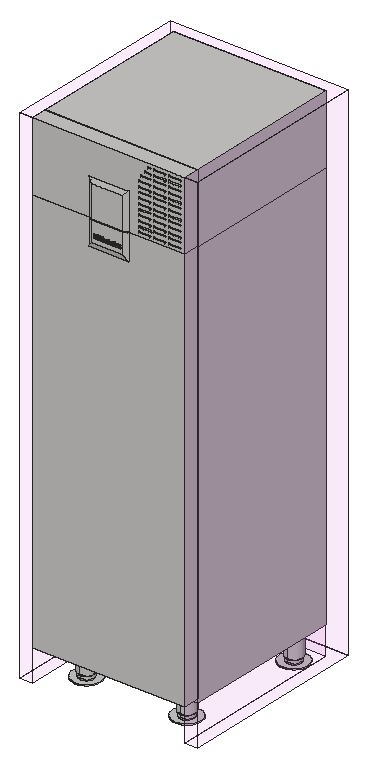
Revit family "QF_ELECTROLUXPROFESSIONAL_691377_PS04R1FM", category Specialty Equipment, Revit 2018
Family settings
  Round Connector Dimension = Use Diameter
  Part Type = Normal
  Work Plane-Based = No
  Always vertical = Yes
  Cut with Voids When Loaded = No
  Shared = No
  Room Calculation Point = No
Parameters
  Weight = 21.3976 lbm
  Watts = 0 W
  Volts = 380 V
  URL Manufacturer = "http://professional.electrolux.com/"
  URL = "http://professional.electrolux.com/"
  Steam Supply Size = 0"
  Steam Supply Minimum Pressure = 0.00 psi
  Steam Supply Maximum Pressure = 0.00 psi
  Steam Pounds per Hour = 0
  Show Clearance [instance] = yes
  Refrigeration Suction Line Size = 0"
  Refrigeration Liquid Line Size = 0"
  Refrigerant Compressor Remote = yes
  Phase = 0
  Model = "RBC201"
  Manufacturer = "Electrolux"
  Length Actual = 600 mm  # constant formula
  Item Number = "726624"
  Hot Water Size = 0"
  Height Actual = 2040 mm  # constant formula
  HP = "0.4 HP"
  Gas Size = 0"
  Gas KW = 0
  Gas Input Pressure = 0.0 Btu/h
  Direct Waste Size = 0"
  Description = "BLAST CHILLER 56 KG 20 GN1/1"
  Depth Actual = 700 mm  # constant formula
  Cycle = 50 Hz
  Condensate Return Size = 0"
  Compressed Air Volume = 0 GPM
  Compressed Air Size = 0"
  Compressed Air Pressure = 0.00 psi
  Cold Water Size = 0"
  Accessory = yes
Types (2, lengths in mm): name | Volts | URL Manufacturer | URL | Phase | Model | Manufacturer | Item Number | Description | Cycle
  (no name) | 380 V | "http://professional.electrolux.com/" | "http://professional.electrolux.com/" | 0 | "RBC201" | "Electrolux" | "726624" | "BLAST CHILLER 56 KG 20 GN1/1" | 50 Hz
  Standard | 220 V | "http://professional.electrolux.com" | "http://professional.electrolux.com" | 1 | "PS04R1FM" | "Electrolux Professional" | "691377" | "1-DOOR REFRIGERATOR 470L,0/+10°,PROSTORE,60HZ,MAR" | 60 Hz
Reference planes
  plane 1 "BACK": y = 0
  plane 2: z = 0
  plane 3 "LEFT": x = 0
  plane 4 "RIGHT": x = 600
  plane 5 "FRONT": y = -700
  plane 6 "TOP": z = 2040
  plane 7 "Center Y": x = 300
  plane 8 "Center X": y = -350
  plane 9: x = 102
  plane 10: x = 498
  plane 11: z = 115
  plane 12: z = 86
  plane 13: y = -80
  plane 14: y = -694
  plane 15: y = -1227
  plane 16: y = -630
  plane 17: z = 1770
  plane 18: x = -50
  plane 19: y = 50
  plane 20: x = 650
  plane 21: z = 1995
Forms (mm)
  Extrusion 1, solid, material "QF_Metal - Stainless - Polished"
    sketch origin (0, 0, 0) x (1, 0, 0) y (0, 0, 1)
      loop
        line (0, 1995) -> (0, 1724.003) -> (600, 1724.003) -> (600, 1995) -> (0, 1995)
    from 0 to 630
  Extrusion 2, solid, material "QF_Metal - Stainless - Polished"
    sketch origin (0, 0, 0) x (1, 0, 0) y (0, 0, 1)
      loop
        line (0, 1724.003) -> (0, 115) -> (600, 115) -> (600, 1724.003) -> (0, 1724.003)
    from 0 to 630
  Extrusion 3, solid, material "QF_Metal - Stainless - Polished"
    sketch origin (-370, 0, -128) x (1, 0, 0) y (0, 0, 1)
      loop
        circle (450, 1847.083) r 20
    from -7.507 to 0
  Extrusion 4, solid, material "QF_Metal - Stainless - Polished"
    sketch origin (0, 130.478, -45) x (1, 0, 0) y (0, 0, 1)
      loop
        line (0, 2040) -> (0, 1770) -> (600, 1770) -> (600, 2040) -> (0, 2040)
    from 760.478 to 824.478
  Extrusion 5, solid, material "QF_Metal - Stainless - Polished"
    sketch origin (0, 140, 0) x (1, 0, 0) y (0, 0, 1)
      loop
        line (0, 1725) -> (0, 127.536) -> (600, 127.536) -> (600, 1725) -> (0, 1725)
    from 834 to 770
  Revolve 6, solid, material "QF_Metal - Stainless - Polished"
    sketch origin (497.59, -2.833, 0) x (0, 1, 0) y (0, 0, -1)
      loop
        line (-590.954, -115) -> (-553.167, -115) -> (-553.167, 0) -> (-578.757, 0)
        arc (-578.757, 0) -> (-580.973, -2.655) -> (-581.767, -6.021) r 7.527
        line (-581.767, -6.021) -> (-581.767, -17.561) -> (-585.28, -21.074) -> (-585.28, -110.008) -> (-590.954, -110.008) -> (-590.954, -115)
      axis (-553.167, 0) -> (-553.167, -115)
    angle from 0 to 360
  Revolve 7, solid, material "QF_Metal - Stainless - Polished"
    sketch origin (102, -2.833, 0) x (0, 1, 0) y (0, 0, 1)
      loop
        line (-590.954, 115) -> (-590.954, 110.008) -> (-585.28, 110.008) -> (-585.28, 21.074) -> (-581.767, 17.561) -> (-581.767, 6.021)
        arc (-581.767, 6.021) -> (-580.973, 2.655) -> (-578.757, 0) r 7.527
        line (-578.757, 0) -> (-553.167, 0) -> (-553.167, 115) -> (-590.954, 115)
      axis (-553.167, 0) -> (-553.167, 115)
    angle from 0 to 360
  Revolve 8, solid, material "QF_Metal - Stainless - Polished"
    sketch origin (538, -759.167, 0) x (0, -1, 0) y (0, 0, 1)
      loop
        line (-716.954, 115) -> (-716.954, 110.008) -> (-711.28, 110.008) -> (-711.28, 21.074) -> (-707.767, 17.561) -> (-707.767, 6.021)
        arc (-707.767, 6.021) -> (-706.973, 2.655) -> (-704.757, 0) r 7.527
        line (-704.757, 0) -> (-679.167, 0) -> (-679.167, 115) -> (-716.954, 115)
      axis (-679.167, 0) -> (-679.167, 115)
    angle from 0 to 360
  Revolve 9, solid, material "QF_Metal - Stainless - Polished"
    sketch origin (62, -759.167, 0) x (0, -1, 0) y (0, 0, 1)
      loop
        line (-716.954, 115) -> (-716.954, 110.008) -> (-711.28, 110.008) -> (-711.28, 21.074) -> (-707.767, 17.561) -> (-707.767, 6.021)
        arc (-707.767, 6.021) -> (-706.973, 2.655) -> (-704.757, 0) r 7.527
        line (-704.757, 0) -> (-679.167, 0) -> (-679.167, 115) -> (-716.954, 115)
      axis (-679.167, 0) -> (-679.167, 115)
    angle from 0 to 360
  Blend 10, solid, material "QF_Metal - Stainless - Polished"
    base sketch origin (-150, -694, 0) x (1, 0, 0) y (0, 0, 1)
      loop
        line (370, 1869.822) -> (370, 1619.822) -> (530, 1619.822) -> (530, 1869.822) -> (370, 1869.822)
    top sketch origin (-150, -694, 0) x (1, 0, 0) y (0, 0, 1)
      loop
        line (510, 1849.822) -> (390, 1849.822) -> (390, 1639.822) -> (510, 1639.822) -> (510, 1849.822)
    from 0 to 6
  Extrusion 11, void
    sketch origin (-150, -700, 0) x (-1, 0, 0) y (0, 0, 1)
      loop
        line (-370, 1725.997) -> (-530, 1725.997) -> (-530, 1724.003) -> (-370, 1724.003) -> (-370, 1725.997)
    from 0 to 6
  Extrusion 12, solid, material "QF_Door-Drawer Clearances"
    sketch origin (0, 0, 0) x (1, 0, 0) y (0, 1, 0)
      loop
        line (0, -694) -> (0, 0) -> (600, 0) -> (600, -694) -> (650, -694) -> (650, 50) -> (-50, 50) -> (-50, -694) -> (0, -694)
    from 0 to 1995
  Extrusion 13, solid, material "QF_Metal - Stainless - Polished"
    sketch origin (497.59, -556, 0) x (0, -1, 0) y (-1, 0, 0)
      loop
        circle (0, 0) r 55.59
    from 0 to -1.917
  Extrusion 14, solid, material "QF_Metal - Stainless - Polished"
    sketch origin (102, -556, 0) x (0, -1, 0) y (-1, 0, 0)
      loop
        circle (0, 0) r 55.59
    from 0 to -1.917
  Extrusion 15, solid, material "QF_Metal - Stainless - Polished"
    sketch origin (62, -80, 0) x (0, -1, 0) y (-1, 0, 0)
      loop
        circle (0, 0) r 55.59
    from 0 to -1.917
  Extrusion 16, solid, material "QF_Metal - Stainless - Polished"
    sketch origin (538, -80, 0) x (0, -1, 0) y (-1, 0, 0)
      loop
        circle (0, 0) r 55.59
    from 0 to -1.917
  Extrusion 17, void
    sketch origin (0, -694, -45) x (-1, 0, 0) y (0, 0, 1)
      loop
        line (-537.804, 1788.817) -> (-587.804, 1788.817) -> (-587.804, 1780.817) -> (-537.804, 1780.817) -> (-537.804, 1788.817)
      loop
        line (-477.804, 1788.817) -> (-527.804, 1788.817) -> (-527.804, 1780.817) -> (-477.804, 1780.817) -> (-477.804, 1788.817)
      loop
        line (-417.804, 1788.817) -> (-467.804, 1788.817) -> (-467.804, 1780.817) -> (-417.804, 1780.817) -> (-417.804, 1788.817)
    from 0 to 2
  Extrusion 18, void
    sketch origin (0, -694, 195) x (-1, 0, 0) y (0, 0, 1)
      loop
        line (-537.804, 1788.817) -> (-587.804, 1788.817) -> (-587.804, 1780.817) -> (-537.804, 1780.817) -> (-537.804, 1788.817)
      loop
        line (-477.804, 1788.817) -> (-527.804, 1788.817) -> (-527.804, 1780.817) -> (-477.804, 1780.817) -> (-477.804, 1788.817)
      loop
        line (-453.929, 1788.817) -> (-467.804, 1788.817) -> (-467.804, 1780.817) -> (-453.929, 1780.817) -> (-453.929, 1788.817)
    from 0 to 2
  Extrusion 19, void
    sketch origin (0, -694, -25) x (-1, 0, 0) y (0, 0, 1)
      loop
        line (-537.804, 1788.817) -> (-587.804, 1788.817) -> (-587.804, 1780.817) -> (-537.804, 1780.817) -> (-537.804, 1788.817)
      loop
        line (-477.804, 1788.817) -> (-527.804, 1788.817) -> (-527.804, 1780.817) -> (-477.804, 1780.817) -> (-477.804, 1788.817)
      loop
        line (-417.804, 1788.817) -> (-467.804, 1788.817) -> (-467.804, 1780.817) -> (-417.804, 1780.817) -> (-417.804, 1788.817)
    from 0 to 2
  Extrusion 20, void
    sketch origin (0, -694, -5) x (-1, 0, 0) y (0, 0, 1)
      loop
        line (-537.804, 1788.817) -> (-587.804, 1788.817) -> (-587.804, 1780.817) -> (-537.804, 1780.817) -> (-537.804, 1788.817)
      loop
        line (-477.804, 1788.817) -> (-527.804, 1788.817) -> (-527.804, 1780.817) -> (-477.804, 1780.817) -> (-477.804, 1788.817)
      loop
        line (-417.804, 1788.817) -> (-467.804, 1788.817) -> (-467.804, 1780.817) -> (-417.804, 1780.817) -> (-417.804, 1788.817)
    from 0 to 2
  Extrusion 21, void
    sketch origin (0, -694, 15) x (-1, 0, 0) y (0, 0, 1)
      loop
        line (-537.804, 1788.817) -> (-587.804, 1788.817) -> (-587.804, 1780.817) -> (-537.804, 1780.817) -> (-537.804, 1788.817)
      loop
        line (-477.804, 1788.817) -> (-527.804, 1788.817) -> (-527.804, 1780.817) -> (-477.804, 1780.817) -> (-477.804, 1788.817)
      loop
        line (-417.804, 1788.817) -> (-467.804, 1788.817) -> (-467.804, 1780.817) -> (-417.804, 1780.817) -> (-417.804, 1788.817)
    from 0 to 2
  Extrusion 22, void
    sketch origin (0, -694, 35) x (-1, 0, 0) y (0, 0, 1)
      loop
        line (-537.804, 1788.817) -> (-587.804, 1788.817) -> (-587.804, 1780.817) -> (-537.804, 1780.817) -> (-537.804, 1788.817)
      loop
        line (-477.804, 1788.817) -> (-527.804, 1788.817) -> (-527.804, 1780.817) -> (-477.804, 1780.817) -> (-477.804, 1788.817)
      loop
        line (-417.804, 1788.817) -> (-467.804, 1788.817) -> (-467.804, 1780.817) -> (-417.804, 1780.817) -> (-417.804, 1788.817)
    from 0 to 2
  Extrusion 23, void
    sketch origin (0, -694, 55) x (-1, 0, 0) y (0, 0, 1)
      loop
        line (-537.804, 1788.817) -> (-587.804, 1788.817) -> (-587.804, 1780.817) -> (-537.804, 1780.817) -> (-537.804, 1788.817)
      loop
        line (-477.804, 1788.817) -> (-527.804, 1788.817) -> (-527.804, 1780.817) -> (-477.804, 1780.817) -> (-477.804, 1788.817)
      loop
        line (-417.804, 1788.817) -> (-467.804, 1788.817) -> (-467.804, 1780.817) -> (-417.804, 1780.817) -> (-417.804, 1788.817)
    from 0 to 2
  Extrusion 24, void
    sketch origin (0, -694, 75) x (-1, 0, 0) y (0, 0, 1)
      loop
        line (-537.804, 1788.817) -> (-587.804, 1788.817) -> (-587.804, 1780.817) -> (-537.804, 1780.817) -> (-537.804, 1788.817)
      loop
        line (-477.804, 1788.817) -> (-527.804, 1788.817) -> (-527.804, 1780.817) -> (-477.804, 1780.817) -> (-477.804, 1788.817)
      loop
        line (-417.804, 1788.817) -> (-467.804, 1788.817) -> (-467.804, 1780.817) -> (-417.804, 1780.817) -> (-417.804, 1788.817)
    from 0 to 2
  Extrusion 25, void
    sketch origin (0, -694, 95) x (-1, 0, 0) y (0, 0, 1)
      loop
        line (-537.804, 1788.817) -> (-587.804, 1788.817) -> (-587.804, 1780.817) -> (-537.804, 1780.817) -> (-537.804, 1788.817)
      loop
        line (-477.804, 1788.817) -> (-527.804, 1788.817) -> (-527.804, 1780.817) -> (-477.804, 1780.817) -> (-477.804, 1788.817)
      loop
        line (-417.804, 1788.817) -> (-467.804, 1788.817) -> (-467.804, 1780.817) -> (-417.804, 1780.817) -> (-417.804, 1788.817)
    from 0 to 2
  Extrusion 26, void
    sketch origin (0, -694, 115) x (-1, 0, 0) y (0, 0, 1)
      loop
        line (-537.804, 1788.817) -> (-587.804, 1788.817) -> (-587.804, 1780.817) -> (-537.804, 1780.817) -> (-537.804, 1788.817)
      loop
        line (-477.804, 1788.817) -> (-527.804, 1788.817) -> (-527.804, 1780.817) -> (-477.804, 1780.817) -> (-477.804, 1788.817)
      loop
        line (-417.804, 1788.817) -> (-467.804, 1788.817) -> (-467.804, 1780.817) -> (-417.804, 1780.817) -> (-417.804, 1788.817)
    from 0 to 2
  Extrusion 27, void
    sketch origin (0, -694, 135) x (-1, 0, 0) y (0, 0, 1)
      loop
        line (-537.804, 1788.817) -> (-587.804, 1788.817) -> (-587.804, 1780.817) -> (-537.804, 1780.817) -> (-537.804, 1788.817)
      loop
        line (-477.804, 1788.817) -> (-527.804, 1788.817) -> (-527.804, 1780.817) -> (-477.804, 1780.817) -> (-477.804, 1788.817)
      loop
        line (-417.804, 1788.817) -> (-467.804, 1788.817) -> (-467.804, 1780.817) -> (-417.804, 1780.817) -> (-417.804, 1788.817)
    from 0 to 2
  Extrusion 28, void
    sketch origin (0, -694, 155) x (-1, 0, 0) y (0, 0, 1)
      loop
        line (-537.804, 1788.817) -> (-587.804, 1788.817) -> (-587.804, 1780.817) -> (-537.804, 1780.817) -> (-537.804, 1788.817)
      loop
        line (-477.804, 1788.817) -> (-527.804, 1788.817) -> (-527.804, 1780.817) -> (-477.804, 1780.817) -> (-477.804, 1788.817)
      loop
        line (-426.702, 1788.817) -> (-467.804, 1788.817) -> (-467.804, 1780.817) -> (-426.702, 1780.817) -> (-426.702, 1788.817)
    from 0 to 2
  Extrusion 29, void
    sketch origin (0, -694, 175) x (-1, 0, 0) y (0, 0, 1)
      loop
        line (-537.804, 1788.817) -> (-587.804, 1788.817) -> (-587.804, 1780.817) -> (-537.804, 1780.817) -> (-537.804, 1788.817)
      loop
        line (-477.804, 1788.817) -> (-527.804, 1788.817) -> (-527.804, 1780.817) -> (-477.804, 1780.817) -> (-477.804, 1788.817)
      loop
        line (-441.24, 1788.817) -> (-467.804, 1788.817) -> (-467.804, 1780.817) -> (-441.24, 1780.817) -> (-441.24, 1788.817)
    from 0 to 2
  Extrusion 30, solid, material "QF_Door-Drawer Clearances", visible <- "Show Clearance", detail levels coarse
    sketch origin (0, 0, 0) x (1, 0, 0) y (0, 1, 0)
      loop
        line (600, -694) -> (0, -694)
        arc (0, -694) -> (187.42, -1087.232) -> (600, -1227) r 559.707
        line (600, -1227) -> (600, -694)
    from 127.536 to 1725
Cuts and joins
  Extrusion 11, Extrusion 17 cuts Extrusion 1
  Extrusion 11 cuts Extrusion 2
  Extrusion 11, Extrusion 17, Extrusion 18, Extrusion 19, Extrusion 20, Extrusion 21, Extrusion 22, Extrusion 23, Extrusion 24, Extrusion 25, Extrusion 26, Extrusion 27, Extrusion 28, Extrusion 29 cuts Extrusion 4
  Extrusion 11 cuts Extrusion 5
  Extrusion 11 cuts Blend 10
  joined: Revolve 6, Extrusion 13
Lines and regions (mm)
  Split face 1
    outline origin (-150, -700, 0) x (1, 0, 0) y (0, 0, 1)
      loop
        line (415, 1849.822) -> (415, 1697.499) -> (485, 1697.499) -> (485, 1849.822)
  symbolic lines
    curve 1: line (0, 0, 0) -> (600, 0, 0)
    curve 2: line (0, -694, 0) -> (0, 0, 0)
    curve 3: line (600, -694, 0) -> (0, -694, 0)
    curve 4: line (600, 0, 0) -> (600, -694, 0)
    curve 5: line (0, -630, 0) -> (600, -630, 0)
    curve 6: line (220, -694, 0) -> (240, -700, 0)
    curve 7: line (240, -700, 0) -> (360, -700, 0)
    curve 8: line (360, -700, 0) -> (380, -694, 0)
  symbolic lines, style "QF_Door-Drawer Clearances"
    curve 9: line (0, -694, 0) -> (-50, -694, 0)
    curve 10: line (-50, -694, 0) -> (-50, 50, 0)
    curve 11: line (-50, 50, 0) -> (650, 50, 0)
    curve 12: line (650, 50, 0) -> (650, -694, 0)
    curve 13: line (650, -694, 0) -> (600, -694, 0)
    curve 14: arc (0, -694, 0) -> (187.42, -1087.232, 0) -> (600, -1227, 0) r 559.707
    curve 15: line (600, -1227, 0) -> (600, -694, 0)
Dimensions and locks
  equal spacing: plane 3 "LEFT", plane 7 "Center Y", plane 4 "RIGHT"
  plane 3 "LEFT" to plane 4 "RIGHT" = 600 mm
  equal spacing: plane 5 "FRONT", plane 8 "Center X", plane 1 "BACK"
  plane 5 "FRONT" to plane 1 "BACK" = 700 mm
  plane 6 "TOP" to level = 2040 mm
  plane 9 to plane 3 "LEFT" = 102 mm
  plane 10 to plane 4 "RIGHT" = 102 mm
  plane 11 to level = 115 mm
  plane 12 to plane 11 = 29 mm
  plane 1 "BACK" to plane 13 = 80 mm
  plane 15 to plane 1 "BACK" = 1227 mm
  plane 11 to plane 2 = 115 mm
  plane 1 "BACK" to plane 16 = 630 mm
  plane 18 to plane 3 "LEFT" = 50 mm
  plane 4 "RIGHT" to plane 20 = 50 mm
  plane 1 "BACK" to plane 19 = 50 mm
  plane 21 to level = 1995 mm
  aligned and locked: level to plane 2
  aligned and locked: Extrusion 4 to plane 4 "RIGHT"
  aligned and locked: Extrusion 4 to plane 3 "LEFT"
  aligned and locked: plane 5 "FRONT" to Blend 10
Automatic sketch dimensions
  Extrusion 3 sketch curve to plane 9 = 22 mm
  Extrusion 3 sketch curve to plane 17 = 50.917 mm
  plane 11 to Revolve 6 sketch curve = 0 mm
  Revolve 6 sketch curve to level = 0 mm
  plane 16 to Revolve 6 sketch curve = 36.213 mm
  Revolve 6 sketch curve to Revolve 6 sketch curve = 5.674 mm
  Revolve 6 sketch curve to Revolve 6 sketch curve = 3.513 mm  (x2)
  Revolve 6 sketch curve to Revolve 6 sketch curve = 3.01 mm
  level to Revolve 6 sketch curve = 6.021 mm
  Revolve 6 sketch curve to Revolve 6 sketch curve = 21.073 mm
  Revolve 6 sketch curve to plane 11 = 4.992 mm  (x2)
  Revolve 6 sketch curve to Revolve 6 sketch curve = 15.053 mm
  Revolve 6 sketch curve to Revolve 6 sketch curve = 0 mm
  Revolve 6 sketch curve to Revolve 6 sketch curve = 20.008 mm
  Revolve 7 sketch curve to plane 11 = 0 mm
  Revolve 7 sketch curve to level = 0 mm
  plane 16 to Revolve 7 sketch curve = 36.213 mm
  Revolve 7 sketch curve to Revolve 7 sketch curve = 5.674 mm
  Revolve 7 sketch curve to Revolve 7 sketch curve = 3.513 mm  (x2)
  Revolve 7 sketch curve to Revolve 7 sketch curve = 3.01 mm
  level to Revolve 7 sketch curve = 6.021 mm
  Revolve 7 sketch curve to Revolve 7 sketch curve = 21.073 mm
  Revolve 7 sketch curve to Revolve 7 sketch curve = 11.54 mm
  Revolve 7 sketch curve to plane 11 = 4.992 mm
  Revolve 7 sketch curve to Revolve 7 sketch curve = 0 mm
  Revolve 7 sketch curve to Revolve 7 sketch curve = 4.992 mm
  plane 11 to Revolve 7 sketch curve = 20.008 mm
  Revolve 8 sketch curve to plane 11 = 0 mm
  Revolve 8 sketch curve to level = 0 mm
  Revolve 8 sketch curve to plane 13 = 0 mm  (x2)
  level to Revolve 8 sketch curve = 6.021 mm
  Revolve 8 sketch curve to plane 13 = 21.073 mm
  Revolve 8 sketch curve to Revolve 8 sketch curve = 4.517 mm
  Revolve 8 sketch curve to Revolve 8 sketch curve = 3.513 mm  (x2)
  Revolve 8 sketch curve to Revolve 8 sketch curve = 5.674 mm
  Revolve 8 sketch curve to Revolve 8 sketch curve = 11.54 mm
  Revolve 8 sketch curve to plane 11 = 4.992 mm  (x2)
  Revolve 8 sketch curve to Revolve 8 sketch curve = 20.008 mm
  Revolve 9 sketch curve to plane 11 = 0 mm
  Revolve 9 sketch curve to level = 0 mm
  Revolve 9 sketch curve to plane 13 = 0 mm  (x2)
  Revolve 9 sketch curve to level = 6.021 mm
  plane 13 to Revolve 9 sketch curve = 21.073 mm
  Revolve 9 sketch curve to Revolve 9 sketch curve = 4.517 mm
  Revolve 9 sketch curve to Revolve 9 sketch curve = 3.513 mm  (x2)
  Revolve 9 sketch curve to Revolve 9 sketch curve = 5.674 mm
  Revolve 9 sketch curve to Revolve 9 sketch curve = 11.54 mm
  plane 11 to Revolve 9 sketch curve = 4.992 mm  (x2)
  Revolve 9 sketch curve to Revolve 9 sketch curve = 20.008 mm
  Extrusion 14 sketch curve to Extrusion 14 sketch curve = 0 mm  (x2)
  Extrusion 14 sketch curve to Revolve 6 = 395.59 mm
  Extrusion 14 sketch curve to Extrusion 14 sketch curve = 55.59 mm
  Extrusion 15 sketch curve to Extrusion 15 sketch curve = 0 mm  (x2)
  Extrusion 15 sketch curve to Revolve 6 = 435.59 mm
  Extrusion 15 sketch curve to Extrusion 15 sketch curve = 55.59 mm
  Extrusion 16 sketch curve to Extrusion 16 sketch curve = 0 mm  (x2)
  Revolve 6 to Extrusion 16 sketch curve = 40.41 mm
  Extrusion 16 sketch curve to Extrusion 16 sketch curve = 55.59 mm
  plane 14 to curve 10 = 0 mm
  curve 10 to plane 18 = 0 mm
  plane 5 "FRONT" to curve 7 = 0 mm
  plane 1 "BACK" to curve 1 = 0 mm
  curve 1 to plane 4 "RIGHT" = 0 mm
  curve 12 to plane 19 = 0 mm
  curve 12 to plane 20 = 0 mm
  curve 15 to plane 15 = 0 mm
  curve 5 to plane 16 = 0 mm
  curve 7 to plane 7 "Center Y" = 60 mm
  plane 7 "Center Y" to curve 7 = 60 mm
  curve 14 to plane 14 = 25.214 mm
  curve 6 to curve 6 = 20 mm
  curve 7 to curve 8 = 20 mm
  Extrusion 1 sketch curve to plane 3 "LEFT" = 0 mm
  plane 4 "RIGHT" to Extrusion 1 sketch curve = 0 mm
  Extrusion 1 sketch curve to plane 21 = 0 mm
  Extrusion 1 sketch curve to plane 17 = 45.997 mm
  Extrusion 2 sketch curve to plane 3 "LEFT" = 0 mm
  plane 4 "RIGHT" to Extrusion 2 sketch curve = 0 mm
  Extrusion 2 sketch curve to plane 11 = 0 mm
  Extrusion 2 sketch curve to plane 17 = 45.997 mm
  Extrusion 4 sketch curve to plane 3 "LEFT" = 0 mm
  plane 4 "RIGHT" to Extrusion 4 sketch curve = 0 mm
  Extrusion 4 sketch curve to plane 21 = 0 mm
  Extrusion 4 sketch curve to plane 17 = 45 mm
  Extrusion 5 sketch curve to plane 3 "LEFT" = 0 mm
  plane 4 "RIGHT" to Extrusion 5 sketch curve = 0 mm
  plane 11 to Extrusion 5 sketch curve = 12.536 mm
  Extrusion 5 sketch curve to plane 17 = 45 mm
  Blend 10 sketch curve to Extrusion 5 = 105.178 mm
  Blend 10 sketch curve to Extrusion 5 = 220 mm
  Blend 10 sketch curve to Blend 10 sketch curve = 160 mm
  Extrusion 5 to Blend 10 sketch curve = 144.822 mm
  Blend 10 sketch curve to Extrusion 5 = 240 mm
  Blend 10 sketch curve to Blend 10 sketch curve = 120 mm
  Blend 10 sketch curve to Extrusion 5 = 85.178 mm
  Extrusion 5 to Blend 10 sketch curve = 124.822 mm
  Split face 1 sketch curve to Blend 10 = 0 mm  (x2)
  Split face 1 sketch curve to Blend 10 = 25 mm  (x2)
  Split face 1 sketch curve to Blend 10 = 57.677 mm
  Extrusion 11 sketch curve to Blend 10 = 20 mm  (x2)
  Blend 10 to Extrusion 11 sketch curve = 84.181 mm
  Extrusion 11 sketch curve to Extrusion 11 sketch curve = 1.995 mm
  plane 14 to Extrusion 12 sketch curve = 0 mm  (x2)
  Extrusion 12 sketch curve to plane 18 = 0 mm
  Extrusion 12 sketch curve to plane 3 "LEFT" = 0 mm
  Extrusion 12 sketch curve to plane 4 "RIGHT" = 0 mm
  Extrusion 12 sketch curve to plane 19 = 0 mm
  Extrusion 12 sketch curve to plane 20 = 0 mm
  plane 1 "BACK" to Extrusion 12 sketch curve = 0 mm
  Extrusion 4 to Extrusion 17 sketch curve = 12.196 mm
  Extrusion 4 to Extrusion 17 sketch curve = 10.817 mm  (x3)
  Extrusion 17 sketch curve to Extrusion 17 sketch curve = 50 mm  (x3)
  Extrusion 17 sketch curve to Extrusion 17 sketch curve = 10 mm  (x2)
  Extrusion 17 sketch curve to Extrusion 17 sketch curve = 8 mm  (x3)
  Extrusion 4 to Extrusion 18 sketch curve = 12.196 mm
  Extrusion 4 to Extrusion 18 sketch curve = 19.183 mm  (x3)
  Extrusion 18 sketch curve to Extrusion 18 sketch curve = 50 mm  (x2)
  Extrusion 18 sketch curve to Extrusion 18 sketch curve = 10 mm  (x2)
  Extrusion 18 sketch curve to Extrusion 18 sketch curve = 13.876 mm
  Extrusion 18 sketch curve to Extrusion 18 sketch curve = 8 mm  (x3)
  Extrusion 4 to Extrusion 19 sketch curve = 12.196 mm
  Extrusion 19 sketch curve to Extrusion 19 sketch curve = 50 mm  (x3)
  Extrusion 19 sketch curve to Extrusion 19 sketch curve = 10 mm  (x2)
  Extrusion 4 to Extrusion 19 sketch curve = 30.817 mm  (x2)
  Extrusion 19 sketch curve to Extrusion 19 sketch curve = 0 mm
  Extrusion 19 sketch curve to Extrusion 19 sketch curve = 8 mm  (x3)
  Extrusion 4 to Extrusion 20 sketch curve = 12.196 mm
  Extrusion 20 sketch curve to Extrusion 20 sketch curve = 50 mm  (x3)
  Extrusion 20 sketch curve to Extrusion 20 sketch curve = 10 mm  (x2)
  Extrusion 4 to Extrusion 20 sketch curve = 50.817 mm  (x2)
  Extrusion 20 sketch curve to Extrusion 20 sketch curve = 0 mm
  Extrusion 20 sketch curve to Extrusion 20 sketch curve = 8 mm  (x3)
  Extrusion 4 to Extrusion 21 sketch curve = 12.196 mm
  Extrusion 21 sketch curve to Extrusion 21 sketch curve = 50 mm  (x3)
  Extrusion 21 sketch curve to Extrusion 21 sketch curve = 10 mm  (x2)
  Extrusion 4 to Extrusion 21 sketch curve = 70.817 mm
  Extrusion 21 sketch curve to Extrusion 21 sketch curve = 0 mm  (x2)
  Extrusion 21 sketch curve to Extrusion 21 sketch curve = 8 mm  (x3)
  Extrusion 4 to Extrusion 22 sketch curve = 12.196 mm
  Extrusion 22 sketch curve to Extrusion 22 sketch curve = 50 mm  (x3)
  Extrusion 22 sketch curve to Extrusion 22 sketch curve = 10 mm  (x2)
  Extrusion 4 to Extrusion 22 sketch curve = 90.817 mm
  Extrusion 22 sketch curve to Extrusion 22 sketch curve = 0 mm  (x2)
  Extrusion 22 sketch curve to Extrusion 22 sketch curve = 8 mm  (x3)
  Extrusion 4 to Extrusion 23 sketch curve = 12.196 mm
  Extrusion 23 sketch curve to Extrusion 23 sketch curve = 50 mm  (x3)
  Extrusion 23 sketch curve to Extrusion 23 sketch curve = 10 mm  (x2)
  Extrusion 4 to Extrusion 23 sketch curve = 110.817 mm
  Extrusion 23 sketch curve to Extrusion 23 sketch curve = 0 mm  (x2)
  Extrusion 23 sketch curve to Extrusion 23 sketch curve = 8 mm  (x3)
  Extrusion 4 to Extrusion 24 sketch curve = 12.196 mm
  Extrusion 24 sketch curve to Extrusion 24 sketch curve = 50 mm  (x3)
  Extrusion 24 sketch curve to Extrusion 24 sketch curve = 10 mm  (x2)
  Extrusion 4 to Extrusion 24 sketch curve = 130.817 mm
  Extrusion 24 sketch curve to Extrusion 24 sketch curve = 0 mm  (x2)
  Extrusion 24 sketch curve to Extrusion 24 sketch curve = 8 mm  (x3)
  Extrusion 4 to Extrusion 25 sketch curve = 12.196 mm
  Extrusion 25 sketch curve to Extrusion 25 sketch curve = 50 mm  (x3)
  Extrusion 25 sketch curve to Extrusion 25 sketch curve = 10 mm  (x2)
  Extrusion 4 to Extrusion 25 sketch curve = 119.183 mm
  Extrusion 25 sketch curve to Extrusion 25 sketch curve = 0 mm  (x2)
  Extrusion 25 sketch curve to Extrusion 25 sketch curve = 8 mm  (x3)
  Extrusion 4 to Extrusion 26 sketch curve = 12.196 mm
  Extrusion 26 sketch curve to Extrusion 26 sketch curve = 50 mm  (x3)
  Extrusion 26 sketch curve to Extrusion 26 sketch curve = 10 mm  (x2)
  Extrusion 4 to Extrusion 26 sketch curve = 99.183 mm
  Extrusion 26 sketch curve to Extrusion 26 sketch curve = 0 mm  (x2)
  Extrusion 26 sketch curve to Extrusion 26 sketch curve = 8 mm  (x3)
  Extrusion 4 to Extrusion 27 sketch curve = 12.196 mm
  Extrusion 27 sketch curve to Extrusion 27 sketch curve = 50 mm  (x3)
  Extrusion 27 sketch curve to Extrusion 27 sketch curve = 10 mm  (x2)
  Extrusion 4 to Extrusion 27 sketch curve = 79.183 mm
  Extrusion 27 sketch curve to Extrusion 27 sketch curve = 0 mm  (x2)
  Extrusion 27 sketch curve to Extrusion 27 sketch curve = 8 mm  (x3)
  Extrusion 4 to Extrusion 28 sketch curve = 12.196 mm
  Extrusion 28 sketch curve to Extrusion 28 sketch curve = 50 mm  (x2)
  Extrusion 28 sketch curve to Extrusion 28 sketch curve = 10 mm  (x2)
  Extrusion 28 sketch curve to Extrusion 28 sketch curve = 41.103 mm
  Extrusion 4 to Extrusion 28 sketch curve = 59.183 mm
  Extrusion 28 sketch curve to Extrusion 28 sketch curve = 0 mm  (x2)
  Extrusion 28 sketch curve to Extrusion 28 sketch curve = 8 mm  (x3)
  Extrusion 4 to Extrusion 29 sketch curve = 12.196 mm
  Extrusion 29 sketch curve to Extrusion 29 sketch curve = 50 mm  (x2)
  Extrusion 29 sketch curve to Extrusion 29 sketch curve = 10 mm  (x2)
  Extrusion 29 sketch curve to Extrusion 29 sketch curve = 26.564 mm
  Extrusion 4 to Extrusion 29 sketch curve = 39.183 mm
  Extrusion 29 sketch curve to Extrusion 29 sketch curve = 0 mm  (x2)
  Extrusion 29 sketch curve to Extrusion 29 sketch curve = 8 mm  (x3)
  Extrusion 30 sketch curve to plane 3 "LEFT" = 0 mm
  Extrusion 30 sketch curve to plane 4 "RIGHT" = 0 mm
  Extrusion 30 sketch curve to plane 15 = 0 mm
  plane 14 to Extrusion 30 sketch curve = 0 mm
  Extrusion 30 sketch curve to plane 14 = 25.214 mm
  curve 3 to plane 3 "LEFT" = 0 mm
  radius of Extrusion 3 sketch curve = 20 mm
  radius of Revolve 6 to Extrusion 13 sketch curve = 30 mm
Nested families
  nested 1: "ELX_Logo_S" at (300.625, -700, 1669.375) x (1, 0, 0) z (0, -1, 0), type "ELX_Logo_S"
Connectors
  electrical at (80, 7.507, 1719.083), driven by "Volts"
    settings: on Extrusion 3, index 2, voltage 380 V, apparent load 0 VA, apparent load phase1 0 VA, apparent load phase2 0 VA, apparent load phase3 0 VA, power factor 1, load classification "Other", number of poles 1, system type 30, power factor state 1, is connector primary yes, connector utility no, sub classification motor no, connector description "Electrical Connection"
Definition of nested family "ELX_Logo_S"
  Parameters (values of type "ELX_Logo_S")
    Default Elevation = 0 mm
  Reference planes
    plane 1 "Centro (Fronte/Retro)": y = 0
    plane 2: z = 0
    plane 3 "Centro (Sinistra/Destra)": x = 0
  Forms (mm)
    Extrusion 1, solid
      sketch origin (0, 0, 0) x (1, 0, 0) y (0, 1, 0)
        loop
          line (-1219.2, 1219.2) -> (-1219.2, -1219.2) -> (1219.2, -1219.2) -> (1219.2, 1219.2) -> (-1219.2, 1219.2)
      from 0 to -304.8
    Extrusion 2, solid
      sketch origin (0, 0, 0) x (1, 0, 0) y (0, 1, 0)
        loop
          line (-43.793, 5.912) -> (-43.793, -6.455)
          arc (-43.793, -6.455) -> (-39.222, -0.272) -> (-43.793, 5.912) r 6.467
        loop
          arc (-44.422, 5.912) -> (-49.565, 4.743) -> (-52.043, 0.087) r 6.338
          line (-52.043, 0.087) -> (-49.997, 0.087)
          arc (-49.997, 0.087) -> (-46.342, 1.57) -> (-44.422, 5.016) r 5.941
          line (-44.422, 5.016) -> (-44.422, 5.912)
        loop
          arc (-44.422, -5.559) -> (-46.342, -2.114) -> (-49.997, -0.63) r 5.941
          line (-49.997, -0.63) -> (-52.043, -0.63)
          arc (-52.043, -0.63) -> (-49.569, -5.324) -> (-44.422, -6.614) r 6.504
          line (-44.422, -6.614) -> (-44.422, -5.559)
        loop
          line (-52.512, 6.586) -> (-52.512, -7.158) -> (-38.749, -7.158) -> (-38.749, 6.586) -> (-52.512, 6.586)
        loop
          arc (-35.782, 6.67) -> (-36.139, 6.322) -> (-35.801, 5.955) r 0.358
          arc (-35.801, 5.955) -> (-35.051, 5.641) -> (-34.666, 4.924) r 1.216
          line (-34.666, 4.924) -> (-34.666, -5.488)
          arc (-34.666, -5.488) -> (-34.944, -6.148) -> (-35.54, -6.544) r 1.238
          arc (-35.54, -6.544) -> (-35.791, -6.939) -> (-35.437, -7.244) r 0.358
          line (-35.437, -7.244) -> (-25.558, -7.244) -> (-25.558, -4.494) -> (-26.455, -4.494)
          arc (-26.455, -4.494) -> (-27.035, -5.403) -> (-28.012, -5.858) r 1.928
          line (-28.012, -5.858) -> (-30.511, -5.858)
          arc (-30.511, -5.858) -> (-31.24, -5.583) -> (-31.604, -4.894) r 1.101
          line (-31.604, -4.894) -> (-31.604, -0.808) -> (-27.931, -0.808)
          arc (-27.931, -0.808) -> (-27.434, -1.16) -> (-27.206, -1.725) r 1.083
          arc (-27.206, -1.725) -> (-26.9, -1.989) -> (-26.622, -1.697) r 0.292
          line (-26.622, -1.697) -> (-26.622, 1.265)
          arc (-26.622, 1.265) -> (-26.895, 1.568) -> (-27.225, 1.329) r 0.305
          arc (-27.225, 1.329) -> (-27.473, 0.839) -> (-27.931, 0.534) r 1.083
          line (-27.931, 0.534) -> (-31.604, 0.534) -> (-31.604, 5.211) -> (-27.857, 5.211)
          arc (-27.857, 5.211) -> (-27.101, 4.997) -> (-26.603, 4.39) r 1.314
          arc (-26.603, 4.39) -> (-26.199, 4.171) -> (-25.907, 4.526) r 0.361
          line (-25.907, 4.526) -> (-25.907, 6.67) -> (-35.782, 6.67)
        loop
          arc (-25.126, 5.953) -> (-24.207, 5.572) -> (-23.827, 4.654) r 1.299
          line (-23.827, 4.654) -> (-23.827, -4.925)
          arc (-23.827, -4.925) -> (-24.205, -5.763) -> (-25.083, -6.035) r 1.118
          line (-25.083, -6.035) -> (-25.083, -7.244) -> (-19.733, -7.244) -> (-19.733, -6.056)
          arc (-19.733, -6.056) -> (-20.65, -5.784) -> (-21.046, -4.914) r 1.153
          line (-21.046, -4.914) -> (-21.046, 7.158) -> (-25.126, 5.953)
        loop
          line (-17.097, -2.28) -> (-10.65, -2.28) -> (-10.65, -1.481)
          arc (-10.65, -1.481) -> (-11.634, 1.1) -> (-14.088, 2.369) r 3.874
          line (-14.088, 2.369) -> (-15.848, 2.369)
          arc (-15.848, 2.369) -> (-18.713, 1.182) -> (-19.899, -1.682) r 4.051
          line (-19.899, -1.682) -> (-19.899, -3.691)
          arc (-19.899, -3.691) -> (-18.414, -6.509) -> (-15.407, -7.561) r 4.352
          arc (-15.407, -7.561) -> (-12.944, -7.196) -> (-10.87, -5.819) r 5.713
          line (-10.87, -5.819) -> (-10.87, -4.87)
          arc (-10.87, -4.87) -> (-12.439, -5.603) -> (-14.157, -5.819) r 5.579
          arc (-14.157, -5.819) -> (-16.12, -5.025) -> (-17.097, -3.146) r 3.057
          line (-17.097, -3.146) -> (-17.097, -2.28)
        loop
          line (-17.097, -1.02) -> (-13.515, -1.02)
          arc (-13.515, -1.02) -> (-13.468, 0.436) -> (-14.627, 1.319) r 1.59
          line (-14.627, 1.319) -> (-15.457, 1.319)
          arc (-15.457, 1.319) -> (-16.712, 0.455) -> (-17.097, -1.02) r 2.184
        loop
          arc (-1.232, 1.771) -> (-2.906, 2.259) -> (-4.643, 2.417) r 9.023
          line (-4.643, 2.417) -> (-6.005, 2.417)
          arc (-6.005, 2.417) -> (-8.805, 1.257) -> (-9.965, -1.542) r 3.959
          line (-9.965, -1.542) -> (-9.965, -4.142)
          arc (-9.965, -4.142) -> (-8.672, -6.424) -> (-6.299, -7.541) r 4.331
          line (-6.299, -7.541) -> (-4.164, -7.541)
          arc (-4.164, -7.541) -> (-2.614, -7.033) -> (-1.268, -6.112) r 5.772
          arc (-1.268, -6.112) -> (-1.217, -5.35) -> (-1.976, -5.263) r 0.553
          arc (-1.976, -5.263) -> (-2.71, -5.651) -> (-3.529, -5.785) r 2.573
          line (-3.529, -5.785) -> (-5.044, -5.785)
          arc (-5.044, -5.785) -> (-6.686, -4.779) -> (-7.328, -2.965) r 2.884
          line (-7.328, -2.965) -> (-7.328, -1.686)
          arc (-7.328, -1.686) -> (-6.768, 0.135) -> (-5.103, 1.062) r 2.554
          line (-5.103, 1.062) -> (-4.05, 1.062)
          arc (-4.05, 1.062) -> (-3.122, 0.73) -> (-2.387, 0.073) r 2.564
          arc (-2.387, 0.073) -> (-1.67, -0.148) -> (-1.232, 0.461) r 0.643
          line (-1.232, 0.461) -> (-1.232, 1.771)
        loop
          line (-0.962, 0.752) -> (0.539, 0.752) -> (0.539, -5.296)
          arc (0.539, -5.296) -> (1.197, -6.884) -> (2.785, -7.541) r 2.246
          line (2.785, -7.541) -> (4.369, -7.541)
          arc (4.369, -7.541) -> (5.233, -7.228) -> (6.005, -6.727) r 4.06
          arc (6.005, -6.727) -> (6.138, -5.995) -> (5.437, -5.743) r 0.576
          arc (5.437, -5.743) -> (4.911, -5.849) -> (4.379, -5.785) r 1.69
          arc (4.379, -5.785) -> (3.591, -5.244) -> (3.288, -4.337) r 1.506
          line (3.288, -4.337) -> (3.288, 0.801) -> (5.685, 0.801) -> (6.241, 1.357) -> (6.241, 2.179) -> (3.382, 2.179) -> (3.382, 5.41) -> (-0.962, 0.752)
        loop
          line (7.139, -7.324) -> (12.526, -7.324) -> (12.526, -6.214)
          arc (12.526, -6.214) -> (11.575, -5.82) -> (11.181, -4.869) r 1.345
          line (11.181, -4.869) -> (11.181, -1.253)
          arc (11.181, -1.253) -> (11.773, -0.488) -> (12.695, -0.199) r 1.615
          line (12.695, -0.199) -> (14.251, -0.199) -> (14.936, 2.357) -> (13.553, 2.357) -> (10.994, 0.414) -> (10.994, 2.295) -> (8.288, 2.01)
          arc (8.288, 2.01) -> (7.758, 1.571) -> (7.959, 0.912) r 0.621
          arc (7.959, 0.912) -> (8.301, 0.512) -> (8.484, 0.018) r 1.501
          line (8.484, 0.018) -> (8.484, -4.869)
          arc (8.484, -4.869) -> (8.09, -5.82) -> (7.139, -6.214) r 1.345
          line (7.139, -6.214) -> (7.139, -7.324)
        loop
          line (14.473, -1.222) -> (14.473, -3.914)
          arc (14.473, -3.914) -> (15.781, -6.36) -> (18.311, -7.494) r 4.288
          arc (18.311, -7.494) -> (19.692, -7.557) -> (21.072, -7.494) r 15.022
          arc (21.072, -7.494) -> (23.603, -6.36) -> (24.91, -3.914) r 4.288
          line (24.91, -3.914) -> (24.91, -1.222)
          arc (24.91, -1.222) -> (23.603, 1.223) -> (21.072, 2.357) r 4.288
          arc (21.072, 2.357) -> (19.692, 2.421) -> (18.311, 2.357) r 15.022
          arc (18.311, 2.357) -> (15.781, 1.223) -> (14.473, -1.222) r 4.288
        loop
          line (17.587, -1.017) -> (17.587, -4.119)
          arc (17.587, -4.119) -> (19.744, -6.276) -> (21.901, -4.119) r 2.157
          line (21.901, -4.119) -> (21.901, -1.017)
          arc (21.901, -1.017) -> (19.744, 1.14) -> (17.587, -1.017) r 2.157
        loop
          arc (24.768, 5.964) -> (25.662, 5.593) -> (26.033, 4.699) r 1.264
          line (26.033, 4.699) -> (26.033, -5.165)
          arc (26.033, -5.165) -> (25.636, -6.035) -> (24.72, -6.307) r 1.153
          line (24.72, -6.307) -> (24.72, -7.244) -> (29.828, -7.244) -> (29.828, -6.316)
          arc (29.828, -6.316) -> (29.056, -5.957) -> (28.741, -5.165) r 1.153
          line (28.741, -5.165) -> (28.741, 7.158) -> (24.768, 5.964)
        loop
          arc (29.365, 1.084) -> (30.43, 0.885) -> (30.912, -0.085) r 1.215
          line (30.912, -0.085) -> (30.912, -5.105)
          arc (30.912, -5.105) -> (31.559, -6.719) -> (33.142, -7.44) r 2.338
          line (33.142, -7.44) -> (34.657, -7.44)
          arc (34.657, -7.44) -> (35.661, -7.266) -> (36.547, -6.763) r 2.979
          line (36.547, -6.763) -> (38.344, -7.244) -> (40.032, -7.244) -> (40.032, 2.181) -> (35.829, 1.887) -> (35.829, 1.101)
          arc (35.829, 1.101) -> (36.665, 0.745) -> (37.174, -0.007) r 1.605
          line (37.174, -0.007) -> (37.174, -5.11)
          arc (37.174, -5.11) -> (36.237, -5.531) -> (35.213, -5.603) r 2.94
          arc (35.213, -5.603) -> (34.112, -5.042) -> (33.669, -3.889) r 1.724
          line (33.669, -3.889) -> (33.669, 2.307) -> (29.365, 1.084)
        loop
          line (40.886, 2.112) -> (42.932, 0.44) -> (45.238, -2.734) -> (42.126, -6.191)
          arc (42.126, -6.191) -> (41.732, -6.428) -> (41.273, -6.405) r 0.789
          line (41.273, -6.405) -> (41.273, -7.244) -> (44.818, -7.244) -> (44.818, -6.418)
          arc (44.818, -6.418) -> (44.456, -6.076) -> (44.548, -5.586) r 0.52
          line (44.548, -5.586) -> (46.019, -3.786) -> (47.394, -5.904)
          arc (47.394, -5.904) -> (47.084, -6.305) -> (46.585, -6.392) r 0.7
          line (46.585, -6.392) -> (46.585, -7.244) -> (52.512, -7.244) -> (52.512, -6.358)
          arc (52.512, -6.358) -> (51.853, -6.291) -> (51.322, -5.896) r 1.247
          line (51.322, -5.896) -> (48.041, -1.696) -> (50.094, 0.751) -> (51.836, 2.112) -> (48.112, 2.112) -> (48.535, 0.627) -> (47.258, -0.895) -> (46.068, 0.806) -> (46.844, 2.112) -> (40.886, 2.112)
      from 0 to 1.644
  Dimensions and locks
    aligned and locked: plane 2 to Extrusion 1
    aligned and locked: level to Extrusion 1
